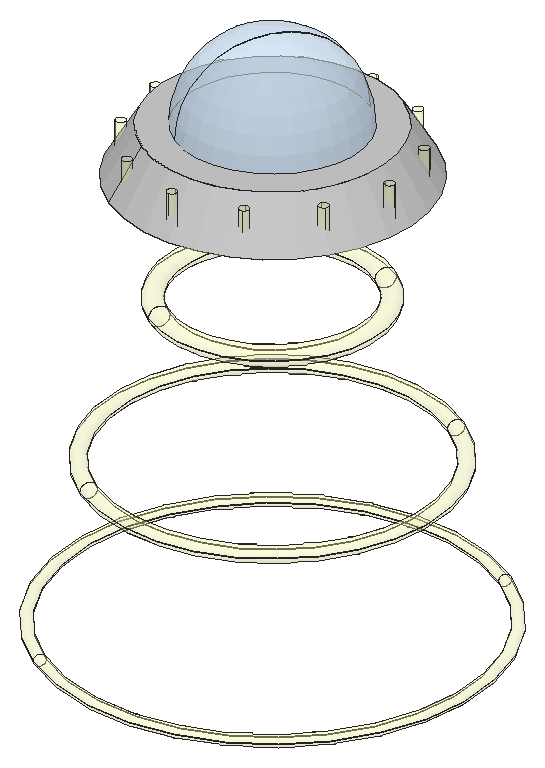
Revit family "UFO", category Generic Models, Revit 2020
Family settings
  Can host rebar = No
  Round Connector Dimension = Use Diameter
  Part Type = Normal
  Work Plane-Based = No
  Always vertical = Yes
  Cut with Voids When Loaded = No
  Shared = No
  Room Calculation Point = No
Parameters (values of type "UFO_main")
  show_beam [instance] = yes
  angle [instance] = 58.00°
  Default Elevation = 0 mm
Reference planes
  plane 1 "Center (Front/Back)": y = 0
  plane 2: z = 0
  plane 3 "Center (Left/Right)": x = 0
Lines and regions (mm)
  reference lines
    curve 1: line (0, 0, 0) -> (1006.847, 1611.291, 0)
Dimensions and locks
  "angle": angle plane 1 "Center (Front/Back)" to curve 1
  aligned and locked: plane 2 to level
  aligned and locked: plane 1 "Center (Front/Back)" to curve 1
  aligned and locked: plane 3 "Center (Left/Right)" to curve 1
  aligned and locked: nested 1 to curve 1
Nested families
  nested 1: "UFO_unit" at (0, 0, 6000) x (0.5299, 0.848, 0) z (0, 0, 1), show_beam <- "show_beam", type "UFO_unit"
Definition of nested family "UFO_unit"
  Parameters (values of type "UFO_unit")
    show_beam [instance] = yes
    Default Elevation = 0 mm
  Reference planes
    plane 1 "Center (Front/Back)": y = 0
    plane 2: z = 0
    plane 3 "Center (Left/Right)": x = 0
  Forms (mm)
    Blend 1, solid
      base sketch origin (0, 0, 0) x (1, 0, 0) y (0, 1, 0)
        loop
          circle (0, 0) r 1500
      top sketch origin (0, 0, 0) x (1, 0, 0) y (0, 1, 0)
        loop
          circle (0, 0) r 1200
      from 0 to 500
    Revolve 2, solid
      sketch origin (0, 0, 0) x (1, 0, 0) y (0, 0, 1)
        loop
          arc (900, 500) -> (636.396, 1136.396) -> (0, 1400) r 900
          line (0, 1400) -> (0, 500) -> (900, 500)
        axis (0, 1400) -> (0, 500)
      angle from 0 to 360
    Extrusion 3, solid
      sketch origin (-900, 0, 0) x (1, 0, 0) y (0, 1, 0)
        loop
          circle (2234.357, 0) r 50
      from 50 to 400
    Extrusion 4, solid
      sketch origin (-779.423, 450, 0) x (0.866025, -0.5, 0) y (0.5, 0.866025, 0)
        loop
          circle (2234.357, 0) r 50
      from 50 to 400
    Extrusion 5, solid
      sketch origin (-779.423, -450, 0) x (0.866025, 0.5, 0) y (-0.5, 0.866025, 0)
        loop
          circle (2234.357, 0) r 50
      from 50 to 400
    Extrusion 6, solid
      sketch origin (-450, -779.423, 0) x (0.5, 0.866025, 0) y (-0.866025, 0.5, 0)
        loop
          circle (2234.357, 0) r 50
      from 50 to 400
    Extrusion 7, solid
      sketch origin (0, -900, 0) x (0, 1, 0) y (-1, 0, 0)
        loop
          circle (2234.357, 0) r 50
      from 50 to 400
    Extrusion 8, solid
      sketch origin (450, -779.423, 0) x (-0.5, 0.866025, 0) y (-0.866025, -0.5, 0)
        loop
          circle (2234.357, 0) r 50
      from 50 to 400
    Extrusion 9, solid
      sketch origin (779.423, -450, 0) x (-0.866025, 0.5, 0) y (-0.5, -0.866025, 0)
        loop
          circle (2234.357, 0) r 50
      from 50 to 400
    Extrusion 10, solid
      sketch origin (900, 0, 0) x (-1, 0, 0) y (0, -1, 0)
        loop
          circle (2234.357, 0) r 50
      from 50 to 400
    Extrusion 11, solid
      sketch origin (779.423, 450, 0) x (-0.866025, -0.5, 0) y (0.5, -0.866025, 0)
        loop
          circle (2234.357, 0) r 50
      from 50 to 400
    Extrusion 12, solid
      sketch origin (450, 779.423, 0) x (-0.5, -0.866025, 0) y (0.866025, -0.5, 0)
        loop
          circle (2234.357, 0) r 50
      from 50 to 400
    Extrusion 13, solid
      sketch origin (0, 900, 0) x (0, -1, 0) y (1, 0, 0)
        loop
          circle (2234.357, 0) r 50
      from 50 to 400
    Extrusion 14, solid
      sketch origin (-450, 779.423, 0) x (0.5, -0.866025, 0) y (0.866025, 0.5, 0)
        loop
          circle (2234.357, 0) r 50
      from 50 to 400
    Sweep 15, solid, visible <- "show_beam"
      path in 3D
        loop
          arc (-500, 0, 0) -> (0, -500, 0) -> (500, 0, 0) r 500
          arc (500, 0, 0) -> (0, 500, 0) -> (-500, 0, 0) r 500
      profile "profile : DD" origin (0, 500, 0) x (0, -1, 0) y (0, 0, 1)
        loop
          circle (-1629.857, -4421.73) r 60
        loop
          circle (-1183.611, -2822.233) r 80
        loop
          circle (-537.701, -1215.914) r 100
  Lines and regions (mm)
    reference lines
      curve 1: circle (0, 0, 0) r 500 normal (0, 0, 1)
    sketch lines
      curve 2: circle (0, 0, 0) r 500 normal (0, 0, 1)
  Dimensions and locks
    aligned and locked: plane 2 to level
